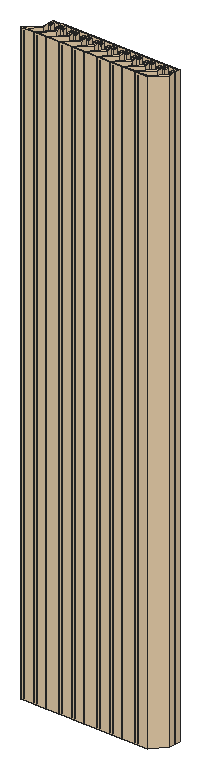
Revit family "CURVED PROFILE", category Mechanical Equipment, Revit 2017
Family settings
  Round Connector Dimension = Use Diameter
  Part Type = Normal
  Work Plane-Based = No
  Always vertical = Yes
  Cut with Voids When Loaded = No
  Shared = No
  Room Calculation Point = No
Parameters (values of type "Pine")
  URL = ""
  Single = Panel Number = 1  # no
  Panel Number = 10
  Keynote = ""
  Distance between beam = 0 mm
  Array Number = if(Panel Number = 1, 2, Panel Number)  # 10
  Model = "Curved Profile"
  Manufacturer = "gtoaluminum"
  Height = 1000 mm
  Finish = Pine, Scots
  Description = "This profile is ideal for both interior and exterior cladding. It is slightly wider than the Click 40, making it suitable for covering more substantial surfaces. It can cover cracks, peelings, and marks on walls without the need for wall treatment. It can be used for pergolas, fences, doors, ceilings, and both interior and exterior walls. It comes in different shades of wood and other colors or can be painted in a custom color. The installation is effortless, and the finishing looks seamless without any noticeable screws or marks."
  Bottom Offset = 50 mm
  Array = not(Single)  # yes
Types (8, lengths in mm): name | Panel Number | Distance between beam | Array Number | Height | Finish
  (no name) | 10 | 0 | 10 | 1000 | Pine, Scots
  Espresso | 5 | 0 | 5 | 3000 | Espresso
  Oak | 5 | 5 | 5 | 3000 | Wood (Oak)
  Pine | 10 | 0 | 10 | 1000 | Pine, Scots
  Gray | 5 | 5 | 5 | 3000 | Gray
  Charcol | 15 | 5 | 15 | 1500 | Charcol
  Matte | 5 | 5 | 5 | 3000 | Matte
  gloss | 10 | 5 | 10 | 2000 | Gloss
Reference planes
  plane 1 "Center (Front/Back)": y = 0
  plane 2: z = 0
  plane 3 "Center (Left/Right)": x = 0
  plane 4: x = 39.579
  plane 5: x = 39.579
Dimensions and locks
  equal spacing: group 1, group 2, group 3, group 4, group 5, group 6, group 7, group 8, group 9, group 10  (x3)
  locked: plane 3 "Center (Left/Right)" to plane 4 at 39.579
  "Distance between beam": plane 4 to plane 5
  aligned and locked: level to plane 2
  aligned and locked: plane 3 "Center (Left/Right)" to nested 1
  aligned and locked: plane 3 "Center (Left/Right)" to nested 3
  aligned and locked: plane 5 to nested 2
Nested families
  nested 1: "profile" at (0, 0, 0), visible <- "Array", type "profile"
    with Height 1000 mm
  nested 2: "profile" at (19.978, 0, 0), visible <- "Array", type "profile"
    with Height 1000 mm
  nested 3: "profile" at (0, 0, 0), visible <- "Single", type "profile"
    with Height 1000 mm
  nested 4: "profile" at (39.956, 0, 0), visible <- "Array", type "profile"
    with Height 1000 mm
  nested 5: "profile" at (59.933, 0, 0), visible <- "Array", type "profile"
    with Height 1000 mm
  nested 6: "profile" at (79.911, 0, 0), visible <- "Array", type "profile"
    with Height 1000 mm
  nested 7: "profile" at (99.889, 0, 0), visible <- "Array", type "profile"
    with Height 1000 mm
  nested 8: "profile" at (119.867, 0, 0), visible <- "Array", type "profile"
    with Height 1000 mm
  nested 9: "profile" at (139.844, 0, 0), visible <- "Array", type "profile"
    with Height 1000 mm
  nested 10: "profile" at (159.822, 0, 0), visible <- "Array", type "profile"
    with Height 1000 mm
  nested 11: "profile" at (179.8, 0, 0), visible <- "Array", type "profile"
    with Height 1000 mm
Definition of nested family "profile"
  Parameters (values of type "profile")
    Height = 3000 mm
    Finish = none
    Bottom Offset = 50 mm
  Reference planes
    plane 1 "Center (Front/Back)": y = 0
    plane 2: z = 0
    plane 3 "Center (Left/Right)": x = 0
    plane 4: z = 3000
    plane 5: z = 50
  Forms (mm)
    Extrusion 1, solid, material <- "Finish"
      sketch origin (-100, 1.4, 0) x (1, 0, 0) y (0, 1, 0)
        loop
          line (120.78, 24.899) -> (120.78, 18.226) -> (103.657, 1.103)
          arc (103.657, 1.103) -> (103.492, 0.27) -> (104.197, -0.201) r 0.764
          line (104.197, -0.201) -> (119.083, -0.201) -> (138.38, 19.096) -> (138.38, 24.899) -> (133.38, 24.899) -> (133.38, 30.299) -> (138.38, 30.299) -> (138.38, 35.399) -> (120.78, 35.399) -> (120.78, 30.299) -> (125.78, 30.299) -> (125.78, 24.899) -> (120.78, 24.899)
        loop
          line (119.601, 18.699) -> (100.072, -0.83)
          arc (100.072, -0.83) -> (100, -1.194) -> (100.309, -1.4) r 0.334
          line (100.309, -1.4) -> (119.569, -1.4) -> (139.579, 18.61) -> (139.579, 26.103) -> (134.569, 26.103) -> (134.569, 29.101) -> (139.579, 29.101) -> (139.579, 36.607) -> (119.574, 36.607) -> (119.574, 29.106) -> (124.568, 29.106) -> (124.568, 26.106) -> (119.601, 26.106) -> (119.601, 18.699)
      from 50 to 3000
  Dimensions and locks
    "Height": plane 4 to plane 2
    "Bottom Offset": plane 5 to level
    aligned and locked: level to plane 2
    aligned and locked: Extrusion 1 to plane 4
    aligned and locked: plane 5 to Extrusion 1
  Automatic sketch dimensions
    plane 3 "Center (Left/Right)" to Extrusion 1 sketch curve = 39.579 mm
    Extrusion 1 sketch curve to Extrusion 1 sketch curve = 0 mm
    Extrusion 1 sketch curve to Extrusion 1 sketch curve = 1.199 mm  (x2)
    Extrusion 1 sketch curve to Extrusion 1 sketch curve = 3.811 mm
    Extrusion 1 sketch curve to Extrusion 1 sketch curve = 1.189 mm
    Extrusion 1 sketch curve to Extrusion 1 sketch curve = 7.6 mm
    Extrusion 1 sketch curve to Extrusion 1 sketch curve = 1.213 mm
    Extrusion 1 sketch curve to Extrusion 1 sketch curve = 3.787 mm  (x2)
    Extrusion 1 sketch curve to Extrusion 1 sketch curve = 1.179 mm
    Extrusion 1 sketch curve to Extrusion 1 sketch curve = 1.207 mm  (x2)
    plane 1 "Center (Front/Back)" to Extrusion 1 sketch curve = 0 mm
    Extrusion 1 sketch curve to Extrusion 1 sketch curve = 1.211 mm
    Extrusion 1 sketch curve to plane 1 "Center (Front/Back)" = 1.199 mm
    Extrusion 1 sketch curve to Extrusion 1 sketch curve = 0.486 mm  (x2)
    Extrusion 1 sketch curve to Extrusion 1 sketch curve = 14.886 mm
    Extrusion 1 sketch curve to plane 1 "Center (Front/Back)" = 2.503 mm
    Extrusion 1 sketch curve to Extrusion 1 sketch curve = 0.54 mm
    Extrusion 1 sketch curve to Extrusion 1 sketch curve = 3.889 mm
    Extrusion 1 sketch curve to plane 1 "Center (Front/Back)" = 0.57 mm
    Extrusion 1 sketch curve to Extrusion 1 sketch curve = 0.236 mm
    Extrusion 1 sketch curve to Extrusion 1 sketch curve = 18.427 mm
    Extrusion 1 sketch curve to Extrusion 1 sketch curve = 0.384 mm
    Extrusion 1 sketch curve to Extrusion 1 sketch curve = 0.473 mm
    Extrusion 1 sketch curve to Extrusion 1 sketch curve = 5.803 mm
    Extrusion 1 sketch curve to Extrusion 1 sketch curve = 6.2 mm
    Extrusion 1 sketch curve to Extrusion 1 sketch curve = 1.204 mm
    Extrusion 1 sketch curve to Extrusion 1 sketch curve = 2.998 mm
    Extrusion 1 sketch curve to Extrusion 1 sketch curve = 3 mm
    Extrusion 1 sketch curve to Extrusion 1 sketch curve = 1.198 mm
    Extrusion 1 sketch curve to Extrusion 1 sketch curve = 1.192 mm
    Extrusion 1 sketch curve to Extrusion 1 sketch curve = 5.1 mm
    Extrusion 1 sketch curve to Extrusion 1 sketch curve = 1.208 mm
